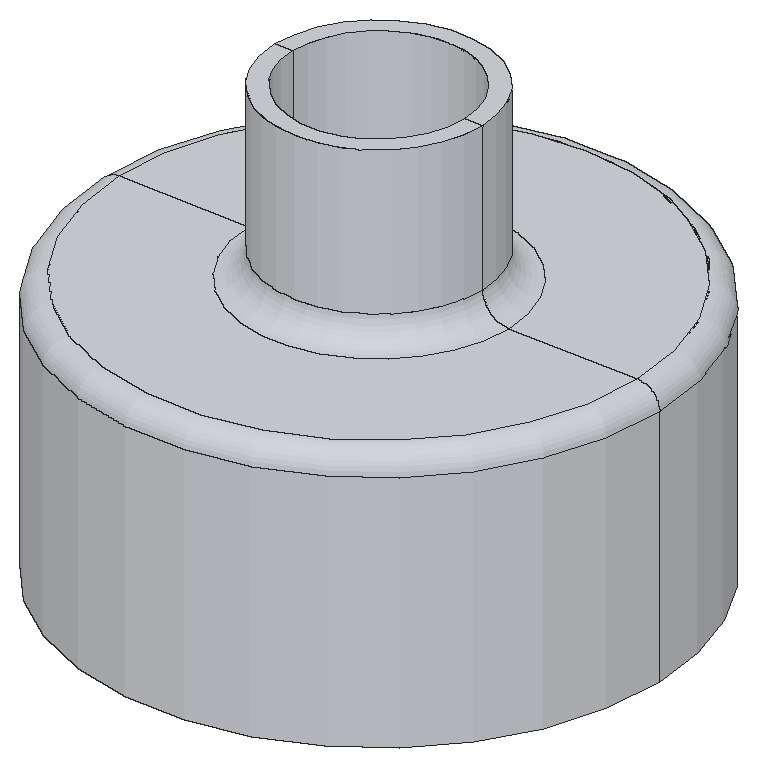
Revit family "TB1G", category Generic Models, Revit 2017
Family settings
  Can host rebar = No
  Round Connector Dimension = Use Diameter
  Part Type = Normal
  Work Plane-Based = Yes
  Always vertical = No
  Cut with Voids When Loaded = No
  Shared = No
  Room Calculation Point = No
Parameters (values of type "NBS Standard Parameters")
  Weight = "0.271Kg"
  WarrantyStartDate [instance] = "1900-12-31T23:59:59"
  WarrantyGuarantorParts = "n/a"
  WarrantyGuarantorLabor = "n/a"
  WarrantyDurationUnit = "year"
  WarrantyDurationParts = "n/a"
  WarrantyDurationLabor = "n/a"
  WarrantyDescription = "n/a"
  Version = "1"
  Uniclass2 = "Pr_65_70_11_20"
  TagNumber [instance] = "n/a"
  SustainabilityPerformance = "n/a"
  Size = "20mm"
  Shape = "Circular"
  SerialNumber [instance] = "n/a"
  Revision = "n/a"
  ReplacementCost = "n/a"
  ProductInformation = "www.metpro.co.uk/pdf/tb1g.pdf"
  NominalWidth = 66 mm
  NominalLength = 66 mm
  NominalHeight = 50 mm
  Name = ""
  NBSTypeID = ""
  NBSReference = "90-55-10/460"
  NBSOfficeMasterTag = ""
  NBSNote = ""
  NBSDescription = "Conduit Fittings"
  NBSCertification = ""
  ModelReference = "TB1G"
  ModelNumber = "n/a"
  Material = "Malleable Iron"
  ManufacturerURL = "www.metpro.co.uk"
  ManufacturerName = "Metpro Ltd"
  InstallationDate [instance] = "1900-12-31T23:59:59"
  IfcExportType = ""
  IfcExportAs = ""
  Grade = "n/a"
  Finish = "Galvanised"
  Features = "n/a"
  ExpectedLife = "n/a"
  DurationUnit = "year"
  Description = "TB1G - 20mm Back Outlet Malleable Conduit Box"
  Default Elevation = 1219.2 mm
  Constituents = "n/a"
  Color = "n/a"
  CodePerformance = "n/a"
  Category = "n/a"
  BarCode [instance] = "n/a"
  BIMObjectName = "Metpro_metprolibrary_conduitfittings_metalcomponent_malleablecircularbox"
  Author = "Metpro Ltd"
  AssetType = ""
  AssetIdentifier [instance] = "n/a"
  AccessibilityPerformance = "n/a"
Reference planes
  plane 1 "Center (Front/Back)": y = 0
  plane 2: z = 0
  plane 3 "Center (Left/Right)": x = 0
Forms (mm)
  Revolve 1, solid
    sketch origin (155.469, 905.953, 750.484) x (1, 0, 0) y (0, 0, -1)
      loop
        line (-32.5, 40.541) -> (-32.5, 12.5)
        arc (-32.5, 12.5) -> (-31.768, 10.732) -> (-30, 10) r 2.5
        line (-30, 10) -> (-15.03, 10)
        arc (-15.03, 10) -> (-12.909, 9.121) -> (-12.03, 7) r 3
        line (-12.03, 7) -> (-12.03, -10) -> (-10, -10) -> (-10, 10.411)
        arc (-10, 10.411) -> (-10.624, 11.917) -> (-12.131, 12.541) r 2.131
        line (-12.131, 12.541) -> (-27, 12.541)
        arc (-27, 12.541) -> (-29.121, 13.42) -> (-30, 15.541) r 3
        line (-30, 15.541) -> (-30, 40.541) -> (-32.5, 40.541)
      axis (0, -10) -> (0, 40.541)
    angle from 0 to 360
  Extrusion 2, solid
    sketch origin (155.469, 905.953, 709.943) x (-1, 0, 0) y (0, 1, 0)
      loop
        arc (-21.577, 13.805) -> (-16.02, 13.887) -> (-15.821, 19.441) r 4.033
        line (-15.821, 19.441) -> (-19.326, 22.946)
        arc (-19.326, 22.946) -> (-22.235, 20.14) -> (-24.74, 16.968) r 30
        line (-24.74, 16.968) -> (-21.577, 13.805)
      loop
        circle (-18.842, 16.769) r 1.752
      loop
        line (13.805, -21.577) -> (16.968, -24.74)
        arc (16.968, -24.74) -> (20.14, -22.235) -> (22.946, -19.326) r 30
        line (22.946, -19.326) -> (19.441, -15.821)
        arc (19.441, -15.821) -> (13.887, -16.02) -> (13.805, -21.577) r 4.033
      loop
        circle (16.769, -18.842) r 1.752
    from -2.782 to 0
Dimensions and locks
  aligned and locked: level to plane 2
